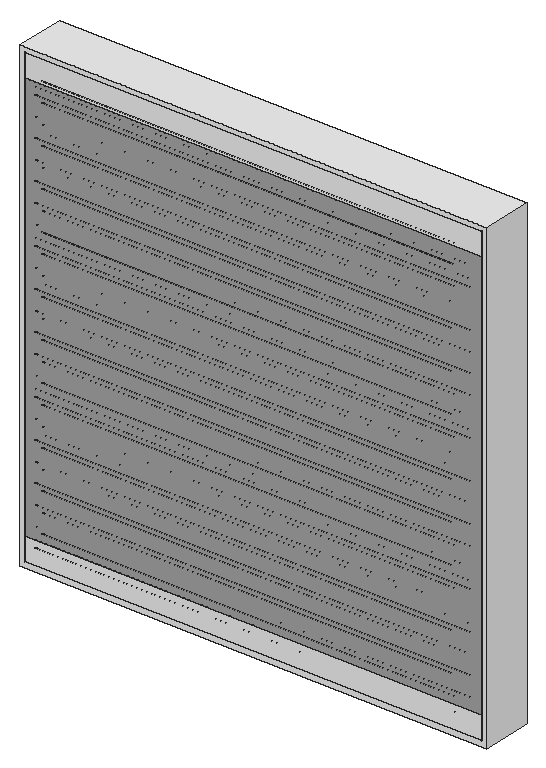
Revit family
Parameters (values of type "Louver_Miami-Dade_ECD-545-MD_All-Lite")
  URL = "http://www.alllite-louvers.com"
  Spacing = 0.167 ft
  SmartBIM Object Version = 3  # constant formula
  SmartBIM Object Created By = "Reed Construction Data"  # constant formula
  Shim Thickness = 0.042 ft
  Screen Width = Width - (2 * Shim Thickness)  # 3.916 ft
  Screen Height = Height - (2 * 0.239583 ft)  # 3.520833 ft
  Screen = Aluminum
  Rough Width = 0.0 ft
  Rough Height = 0.0 ft
  Product URL = "http://www.alllite-louvers.com/catalog.php?model=ECD-545-MD"
  Pressure Loss (in.wg.) = "0.22"  # constant formula
  OmniClass Title = "Exterior Louvers and Grilles"  # constant formula
  OmniClass Code = "23-60 11 17"  # constant formula
  Model Number = "ECD-545-MD"  # constant formula
  Model = ""
  Minimum Size = "4.5\" x 5\""
  Maximum Size - Single Section = "60-1/2\" x 102-1/2\""
  Maximum Size - Multiple Section = "Unlimited width by 102-1/2\""
  Manufacturer = "All-Lite"  # constant formula
  Louver Width = Width - (2 * Shim Thickness) - 2 * 0.072917 ft  # 3.770167 ft
  Louver = Mill finish, 6063-T5 Extruded Aluminum
  Height = 4.0 ft
  Free Area for 48”x48” Louver = "46.3%"
  Free Area Velocity (fpm) = "1250"  # constant formula
  Free Area (ft²) for 48"x48" Louver = 7.4 ft
  Frame = Mill finish, 6063-T5 Extruded Aluminum
  Default Sill Height = 3.0 ft
  Wall Closure = (empty or 0)
  Width = 4.0 ft
  Cut Sheet = "http://www.alllite-louvers.com/catalog/AECD545-MD.pdf "
  Assembly Code = "B2010300"
  Air Volume Delivered (cfm) = "9250"  # constant formula
  95 CSI = "10200 "  # constant formula
  04 CSI = "08 91 00"  # constant formula
  # of Louvers = (Height - 0.25 ft) / (Spacing)  # 22
Reference planes (ft)
  plane 1 "Center (Front/Back)": y = 0
  plane 2: z = 0.291667
  plane 3 "Center (Left/Right)": x = 0
  plane 4 "Left": x = -2
  plane 5 "Right": x = 2
  plane 6 "Sill": z = 3.291667
  plane 7 "Top": z = 7.291667
  plane 8: x = -1.958
  plane 9: x = 1.958
  plane 10: z = 7.249667
  plane 11: z = 3.333667
  plane 12: z = 5.291667
  plane 13: z = 3.417
  plane 14: z = 3.458667
  plane 15: z = 7.166333
  plane 16: z = 7.124667
Forms (ft)
  Sweep 1, solid, material "Mill finish, 6063-T5 Extruded Aluminum" <- "Frame"
    path origin (-5, 0.333333, 0) x (-1, 0, 0) y (0, 0, 1)
      loop
        line (-6.958, 7.249667) -> (-3.042, 7.249667)
    profile "Horizontal Mullion : Horizontal Mullion" origin (0, 0.333333, 7.249667) x (0, 0, 1) y (0, 1, 0)
      loop
        line (0, 0) -> (-0.083333, 0) -> (-0.083333, -0.416667) -> (-0.197917, -0.416667) -> (-0.197917, -0.423417) -> (0, -0.423417) -> (0, -0.38175) -> (-0.00675, -0.38175) -> (-0.00675, -0.416667) -> (-0.076583, -0.416667) -> (-0.076583, -0.006628) -> (-0.00675, -0.006628) -> (-0.00675, -0.041545) -> (0, -0.041545) -> (0, 0)
  Sweep 2, solid, material "Mill finish, 6063-T5 Extruded Aluminum" <- "Frame"
    path origin (-5, 0.333333, 0) x (-1, 0, 0) y (0, 0, 1)
      loop
        line (-6.958, 3.333667) -> (-3.042, 3.333667)
    profile "Horizontal Mullion : Horizontal Mullion" origin (0, 0.333333, 3.333667) x (0, 0, 1) y (0, 1, 0)
      loop
        line (0, 0) -> (0, -0.041545) -> (0.00675, -0.041545) -> (0.00675, -0.006628) -> (0.076583, -0.006628) -> (0.076583, -0.416667) -> (0.00675, -0.416667) -> (0.00675, -0.38175) -> (0, -0.38175) -> (0, -0.423417) -> (0.197917, -0.423417) -> (0.197917, -0.416667) -> (0.083333, -0.416667) -> (0.083333, 0) -> (0, 0)
  Sweep 3, solid, material "Mill finish, 6063-T5 Extruded Aluminum" <- "Frame"
    path origin (-5, 0.333333, 0) x (-1, 0, 0) y (0, 0, 1)
      loop
        line (-6.958, 3.417) -> (-6.958, 7.166333)
    profile "Vertical Mullion : Vertical Mullion" origin (1.958, 0.333333, 5.291667) x (1, 0, 0) y (0, 1, 0)
      loop
        line (-0.060752, -0.13838) -> (-0.066666, -0.141633) -> (-0.072917, -0.141633) -> (-0.072917, -0.149068) -> (-0.047462, -0.149068) -> (-0.047462, -0.163238) -> (-0.072917, -0.163238) -> (-0.072917, -0.169988) -> (-0.047462, -0.169988) -> (-0.047462, -0.184154) -> (-0.072917, -0.184154) -> (-0.072917, -0.190904) -> (-0.047462, -0.190904) -> (-0.047462, -0.20507) -> (-0.072917, -0.20507) -> (-0.072917, -0.21182) -> (-0.047462, -0.21182) -> (-0.047462, -0.225983) -> (-0.072917, -0.225983) -> (-0.072917, -0.232733) -> (-0.047462, -0.232733) -> (-0.047462, -0.246896) -> (-0.072917, -0.246896) -> (-0.072917, -0.253646) -> (-0.047462, -0.253646) -> (-0.047462, -0.267809) -> (-0.072917, -0.267809) -> (-0.072917, -0.274559) -> (-0.047462, -0.274559) -> (-0.047462, -0.288724) -> (-0.072917, -0.288724) -> (-0.072917, -0.295474) -> (-0.066666, -0.295474) -> (-0.060752, -0.298727)
        arc (-0.060752, -0.298727) -> (-0.047462, -0.302141) -> (-0.060752, -0.305555) r 0.007083
        line (-0.060752, -0.305555) -> (-0.066666, -0.308808) -> (-0.072917, -0.308808) -> (-0.072917, -0.373107) -> (-0.047462, -0.373107) -> (-0.047462, -0.388594) -> (-0.072917, -0.388594) -> (-0.072917, -0.394432) -> (-0.047462, -0.394432) -> (-0.047462, -0.409918) -> (-0.083333, -0.409918) -> (-0.083333, -0.416667) -> (0, -0.416667) -> (0, -0.389085) -> (-0.00675, -0.389085) -> (-0.00675, -0.409918) -> (-0.040712, -0.409918) -> (-0.040712, -0.366357) -> (-0.066167, -0.366357) -> (-0.066167, -0.315558) -> (-0.040712, -0.315558) -> (-0.040712, -0.121549) -> (-0.066167, -0.121549) -> (-0.066167, -0.070765) -> (-0.040712, -0.070765) -> (-0.040712, -0.049849) -> (0, -0.049849) -> (0, -0.000002) -> (-0.083333, -0.000002) -> (-0.083333, -0.006752) -> (-0.00675, -0.006752) -> (-0.00675, -0.043099) -> (-0.072917, -0.043099) -> (-0.072917, -0.049849) -> (-0.047462, -0.049849) -> (-0.047462, -0.064015) -> (-0.072917, -0.064015) -> (-0.072917, -0.128299) -> (-0.066666, -0.128299) -> (-0.060752, -0.131552)
        arc (-0.060752, -0.131552) -> (-0.047462, -0.134966) -> (-0.060752, -0.13838) r 0.007083
  Sweep 4, solid, material "Mill finish, 6063-T5 Extruded Aluminum" <- "Frame"
    path origin (5, 0.333333, 0) x (1, 0, 0) y (0, 0, -1)
      loop
        line (-6.958, -3.417) -> (-6.958, -7.166333)
    profile "Vertical Mullion : Vertical Mullion" origin (-1.958, 0.333333, 5.291667) x (1, 0, 0) y (0, 1, 0)
      loop
        arc (0.060752, -0.13838) -> (0.047462, -0.134966) -> (0.060752, -0.131552) r 0.007083
        line (0.060752, -0.131552) -> (0.066666, -0.128299) -> (0.072917, -0.128299) -> (0.072917, -0.064015) -> (0.047462, -0.064015) -> (0.047462, -0.049849) -> (0.072917, -0.049849) -> (0.072917, -0.043099) -> (0.00675, -0.043099) -> (0.00675, -0.006752) -> (0.083333, -0.006752) -> (0.083333, -0.000002) -> (0, -0.000002) -> (0, -0.049849) -> (0.040712, -0.049849) -> (0.040712, -0.070765) -> (0.066167, -0.070765) -> (0.066167, -0.121549) -> (0.040712, -0.121549) -> (0.040712, -0.315558) -> (0.066167, -0.315558) -> (0.066167, -0.366357) -> (0.040712, -0.366357) -> (0.040712, -0.409918) -> (0.00675, -0.409918) -> (0.00675, -0.389085) -> (0, -0.389085) -> (0, -0.416667) -> (0.083333, -0.416667) -> (0.083333, -0.409918) -> (0.047462, -0.409918) -> (0.047462, -0.394432) -> (0.072917, -0.394432) -> (0.072917, -0.388594) -> (0.047462, -0.388594) -> (0.047462, -0.373107) -> (0.072917, -0.373107) -> (0.072917, -0.308808) -> (0.066666, -0.308808) -> (0.060752, -0.305555)
        arc (0.060752, -0.305555) -> (0.047462, -0.302141) -> (0.060752, -0.298727) r 0.007083
        line (0.060752, -0.298727) -> (0.066666, -0.295474) -> (0.072917, -0.295474) -> (0.072917, -0.288724) -> (0.047462, -0.288724) -> (0.047462, -0.274559) -> (0.072917, -0.274559) -> (0.072917, -0.267809) -> (0.047462, -0.267809) -> (0.047462, -0.253646) -> (0.072917, -0.253646) -> (0.072917, -0.246896) -> (0.047462, -0.246896) -> (0.047462, -0.232733) -> (0.072917, -0.232733) -> (0.072917, -0.225983) -> (0.047462, -0.225983) -> (0.047462, -0.21182) -> (0.072917, -0.21182) -> (0.072917, -0.20507) -> (0.047462, -0.20507) -> (0.047462, -0.190904) -> (0.072917, -0.190904) -> (0.072917, -0.184154) -> (0.047462, -0.184154) -> (0.047462, -0.169988) -> (0.072917, -0.169988) -> (0.072917, -0.163238) -> (0.047462, -0.163238) -> (0.047462, -0.149068) -> (0.072917, -0.149068) -> (0.072917, -0.141633) -> (0.066666, -0.141633) -> (0.060752, -0.13838)
  Sweep 5, solid, material "Mill finish, 6063-T5 Extruded Aluminum" <- "Frame"
    path origin (-5, 0.333333, 0) x (-1, 0, 0) y (0, 0, 1)
      loop
        line (-3, 7.291667) -> (-7, 7.291667) -> (-7, 3.291667) -> (-3, 3.291667) -> (-3, 7.291667)
    profile origin (-2, 0.333333, 5.291667) x (0, 1, 0) y (-1, 0, 0)
      loop
        line (0, 0) -> (-0.423417, 0) -> (-0.423417, -0.042) -> (0, -0.042) -> (0, 0)
  Extrusion 6, solid, material "Aluminum" <- "Screen"
    sketch origin (-5, 0.333333, 0) x (-1, 0, 0) y (0, 0, 1)
      loop
        line (-3.042, 7.05175) -> (-6.958, 7.05175) -> (-6.958, 3.53125) -> (-3.042, 3.53125) -> (-3.042, 7.05175)
    from -0.423417 to -0.416667
Cuts and joins
  joined: Sweep 2, Sweep 3
Lines and regions (ft)
  Opening 1
    outline origin (-5, -0.333333, 0) x (1, 0, 0) y (0, 0, 1)
      loop
        line (3, 7.291667) -> (3, 3.291667) -> (7, 3.291667) -> (7, 7.291667) -> (3, 7.291667)
  Masking region 1, detail levels fine
    outline origin (0, 0, 0) x (1, 0, 0) y (0, 1, 0)
      loop
        line (-1.874667, 0.333332) -> (-1.958, 0.333332) -> (-1.958, 0.283484) -> (-1.917288, 0.283484) -> (-1.917288, 0.262569) -> (-1.891833, 0.262569) -> (-1.891833, 0.211784) -> (-1.917288, 0.211784) -> (-1.917288, 0.017775) -> (-1.891833, 0.017775) -> (-1.891833, -0.033024) -> (-1.917288, -0.033024) -> (-1.917288, -0.076585) -> (-1.95125, -0.076585) -> (-1.95125, -0.055752) -> (-1.958, -0.055752) -> (-1.958, -0.083333) -> (-1.874667, -0.083333) -> (-1.874667, -0.076585) -> (-1.910538, -0.076585) -> (-1.910538, -0.061099) -> (-1.885083, -0.061099) -> (-1.885083, -0.05526) -> (-1.910538, -0.05526) -> (-1.910538, -0.039774) -> (-1.885083, -0.039774) -> (-1.885083, 0.024525) -> (-1.891334, 0.024525) -> (-1.897248, 0.027779)
        arc (-1.897248, 0.027779) -> (-1.910538, 0.031192) -> (-1.897248, 0.034606) r 0.007083
        line (-1.897248, 0.034606) -> (-1.891334, 0.03786) -> (-1.885083, 0.03786) -> (-1.885083, 0.04461) -> (-1.910538, 0.04461) -> (-1.910538, 0.058774) -> (-1.885083, 0.058774) -> (-1.885083, 0.065524) -> (-1.910538, 0.065524) -> (-1.910538, 0.079687) -> (-1.885083, 0.079687) -> (-1.885083, 0.086437) -> (-1.910538, 0.086437) -> (-1.910538, 0.1006) -> (-1.885083, 0.1006) -> (-1.885083, 0.10735) -> (-1.910538, 0.10735) -> (-1.910538, 0.121513) -> (-1.885083, 0.121513) -> (-1.885083, 0.128263) -> (-1.910538, 0.128263) -> (-1.910538, 0.142429) -> (-1.885083, 0.142429) -> (-1.885083, 0.149179) -> (-1.910538, 0.149179) -> (-1.910538, 0.163345) -> (-1.885083, 0.163345) -> (-1.885083, 0.170095) -> (-1.910538, 0.170095) -> (-1.910538, 0.184266) -> (-1.885083, 0.184266) -> (-1.885083, 0.1917) -> (-1.891334, 0.1917) -> (-1.897248, 0.194953)
        arc (-1.897248, 0.194953) -> (-1.910538, 0.198367) -> (-1.897248, 0.201781) r 0.007083
        line (-1.897248, 0.201781) -> (-1.891334, 0.205034) -> (-1.885083, 0.205034) -> (-1.885083, 0.269319) -> (-1.910538, 0.269319) -> (-1.910538, 0.283484) -> (-1.885083, 0.283484) -> (-1.885083, 0.290234) -> (-1.95125, 0.290234) -> (-1.95125, 0.326582) -> (-1.874667, 0.326582) -> (-1.874667, 0.333332)
      loop
        line (1.958, 0.333333) -> (1.874667, 0.333333) -> (1.874667, 0.326582) -> (1.95125, 0.326582) -> (1.95125, 0.290234) -> (1.885083, 0.290234) -> (1.885083, 0.283484) -> (1.910538, 0.283484) -> (1.910538, 0.269319) -> (1.885083, 0.269319) -> (1.885083, 0.205034) -> (1.891334, 0.205034) -> (1.897248, 0.201781)
        arc (1.897248, 0.201781) -> (1.910538, 0.198367) -> (1.897248, 0.194953) r 0.007083
        line (1.897248, 0.194953) -> (1.891334, 0.1917) -> (1.885083, 0.1917) -> (1.885083, 0.184266) -> (1.910538, 0.184266) -> (1.910538, 0.170095) -> (1.885083, 0.170095) -> (1.885083, 0.163345) -> (1.910538, 0.163345) -> (1.910538, 0.149179) -> (1.885083, 0.149179) -> (1.885083, 0.142429) -> (1.910538, 0.142429) -> (1.910538, 0.128263) -> (1.885083, 0.128263) -> (1.885083, 0.121513) -> (1.910538, 0.121513) -> (1.910538, 0.10735) -> (1.885083, 0.10735) -> (1.885083, 0.1006) -> (1.910538, 0.1006) -> (1.910538, 0.086437) -> (1.885083, 0.086437) -> (1.885083, 0.079687) -> (1.910538, 0.079687) -> (1.910538, 0.065524) -> (1.885083, 0.065524) -> (1.885083, 0.058774) -> (1.910538, 0.058774) -> (1.910538, 0.04461) -> (1.885083, 0.04461) -> (1.885083, 0.03786) -> (1.891334, 0.03786) -> (1.897248, 0.034606)
        arc (1.897248, 0.034606) -> (1.910538, 0.031192) -> (1.897248, 0.027779) r 0.007083
        line (1.897248, 0.027779) -> (1.891334, 0.024525) -> (1.885083, 0.024525) -> (1.885083, -0.039774) -> (1.910538, -0.039774) -> (1.910538, -0.05526) -> (1.885083, -0.05526) -> (1.885083, -0.061099) -> (1.910538, -0.061099) -> (1.910538, -0.076585) -> (1.874667, -0.076585) -> (1.874667, -0.083333) -> (1.958, -0.083333) -> (1.958, -0.055752) -> (1.95125, -0.055752) -> (1.95125, -0.076585) -> (1.917288, -0.076585) -> (1.917288, -0.033024) -> (1.891833, -0.033024) -> (1.891833, 0.017775) -> (1.917288, 0.017775) -> (1.917288, 0.211784) -> (1.891833, 0.211784) -> (1.891833, 0.262569) -> (1.917288, 0.262569) -> (1.917288, 0.283484) -> (1.958, 0.283484) -> (1.958, 0.333333)
  Masking region 2, detail levels coarse+medium
    outline origin (0, 0, 0) x (1, 0, 0) y (0, 1, 0)
      loop
        line (-2, 0.333333) -> (-2, -0.090083) -> (-1.885083, -0.090083) -> (-1.885083, 0.333333) -> (-2, 0.333333)
      loop
        line (2, 0.333333) -> (1.885083, 0.333333) -> (1.885083, -0.090083) -> (2, -0.090083) -> (2, 0.333333)
Text (ft)
  text "EXTERIOR" at (-4.890733, 4.242245, 0), in view "Ref. Level"
  text "INTERIOR" at (-4.890733, -3.147199, 0), in view "Ref. Level"
  text "Exterior" at (0, 3.638026, 10.266337), in view "Left"
  text "Exterior" at (0, 1.524487, 10.420622), in view "Right"
Dimensions and locks (ft)
  equal spacing: plane 4 "Left", plane 3 "Center (Left/Right)", plane 5 "Right"
  "Width": plane 4 "Left" to plane 5 "Right"
  "Height": plane 6 "Sill" to plane 7 "Top"
  "Default Sill Height": plane 2 to plane 6 "Sill"
  "Shim Thickness": plane 4 "Left" to plane 8
  "Shim Thickness": plane 9 to plane 5 "Right"
  "Shim Thickness": plane 10 to plane 7 "Top"
  "Shim Thickness": plane 6 "Sill" to plane 11
  equal spacing: plane 11, plane 12, plane 10
  locked: plane 13 to plane 11 at 0.083333
  locked: plane 14 to plane 13 at 0.041667
  locked: plane 10 to plane 15 at 0.083333
  locked: plane 15 to plane 16 at 0.041667
  Extrusion 6 to plane 6 "Sill" = 0.239583 ft
  equal spacing: group 1, group 3, group 4, group 5, group 6, group 7, group 8, group 9, group 10, group 11, group 12, group 13, group 14, group 15, group 16, group 17, group 18, group 19, group 20, group 21, group 22, group 2  (x2)
  equal spacing: group 2, group 22, group 21, group 20, group 19, group 18, group 17, group 16, group 15, group 14, group 13, group 12, group 11, group 10, group 9, group 8, group 7, group 6, group 5, group 4, group 3, group 1
  aligned and locked: plane 7 "Top" to Opening 1 sketch curve
  aligned and locked: plane 6 "Sill" to Opening 1 sketch curve  (x2)
  aligned and locked: plane 5 "Right" to Opening 1 sketch curve
  aligned and locked: plane 4 "Left" to Opening 1 sketch curve
  aligned and locked: plane 10 to Sweep 1 sketch curve
  aligned and locked: plane 8 to Sweep 1 sketch curve
  aligned and locked: plane 9 to Sweep 1 sketch curve
  aligned and locked: Sweep 2 sketch curve to plane 11
  aligned and locked: plane 9 to Sweep 2 sketch curve
  aligned and locked: plane 8 to Sweep 2 sketch curve
  aligned and locked: plane 9 to Sweep 3 sketch curve
  aligned and locked: Sweep 4 sketch curve to plane 8
  aligned and locked: cut or joined group of Sweep 2, Sweep 3 to Sweep 3 sketch curve
  aligned and locked: Sweep 4 sketch curve to cut or joined group of Sweep 2, Sweep 3
  aligned and locked: Sweep 1 to Sweep 4 sketch curve
  aligned and locked: Sweep 5 sketch curve to plane 4 "Left"
  aligned and locked: Sweep 5 sketch curve to plane 7 "Top"
  aligned and locked: Sweep 5 sketch curve to plane 6 "Sill"
  aligned and locked: Sweep 5 sketch curve to plane 5 "Right"
  aligned and locked: Sweep 5 sketch curve to host wall  (x2)
  aligned and locked: plane 8 to Sweep 5 sketch curve
  aligned and locked: cut or joined group of Sweep 2, Sweep 3 to Sweep 5 sketch curve
  aligned and locked: plane 15 to Sweep 3 sketch curve
  aligned and locked: Extrusion 6 sketch curve to Sweep 1
  aligned and locked: Sweep 5 to Extrusion 6 sketch curve  (x2)
  aligned: Extrusion 6 to cut or joined group of Sweep 2, Sweep 3
  aligned and locked: Sweep 5 to Extrusion 6
  aligned and locked: plane 3 "Center (Left/Right)" to nested 1
  aligned and locked: plane 14 to nested 1
  aligned and locked: nested 1 to Sweep 4
  aligned and locked: plane 16 to nested 2
  aligned and locked: nested 2 to Sweep 4
  aligned and locked: plane 3 "Center (Left/Right)" to nested 2
  aligned and locked: Masking region 1 sketch curve to Sweep 4  (x71)
  aligned and locked: Sweep 5 to Masking region 1 sketch curve  (x3)
  aligned and locked: Extrusion 6 to Masking region 1 sketch curve
  aligned and locked: Masking region 1 sketch curve to cut or joined group of Sweep 2, Sweep 3  (x58)
  aligned and locked: Masking region 1 sketch curve to Sweep 5
  aligned and locked: plane 9 to Masking region 1 sketch curve
  aligned and locked: Masking region 1 sketch curve to Extrusion 6
  aligned and locked: nested 5 to Masking region 1 sketch curve  (x12)
  aligned and locked: Masking region 2 sketch curve to host wall  (x3)
  aligned and locked: Sweep 5 to Masking region 2 sketch curve  (x2)
  aligned and locked: Masking region 2 sketch curve to Sweep 4
  aligned and locked: host wall to Masking region 2 sketch curve
  aligned and locked: Masking region 2 sketch curve to nested 5
Automatic sketch dimensions
  Extrusion 6 sketch curve to plane 6 "Sill" = 0.239583 ft
  Masking region 1 sketch curve to Masking region 1 sketch curve = 0.00675 ft
Nested families (ft)
  nested 1: "Louver" at (0, 0.12541, 3.458667), type "Louver"
    with Louver Length 3.770167 ft
  nested 2: "Louver" at (0, 0.124587, 6.937807), type "Louver"
    with Louver Length 3.770167 ft
  nested 3: "Louver" at (0, 0.125371, 3.62434), type "Louver"
    with Louver Length 3.770167 ft
  nested 4: "Louver" at (0, 0.125332, 3.790013), type "Louver"
    with Louver Length 3.770167 ft
  nested 5: "Louver" at (0, 0.125292, 3.955687), type "Louver"
    with Louver Length 3.770167 ft
  nested 6: "Louver" at (0, 0.125253, 4.12136), type "Louver"
    with Louver Length 3.770167 ft
  nested 7: "Louver" at (0, 0.125214, 4.287033), type "Louver"
    with Louver Length 3.770167 ft
  nested 8: "Louver" at (0, 0.125175, 4.452707), type "Louver"
    with Louver Length 3.770167 ft
  nested 9: "Louver" at (0, 0.125136, 4.61838), type "Louver"
    with Louver Length 3.770167 ft
  nested 10: "Louver" at (0, 0.125096, 4.784053), type "Louver"
    with Louver Length 3.770167 ft
  nested 11: "Louver" at (0, 0.125057, 4.949727), type "Louver"
    with Louver Length 3.770167 ft
  nested 12: "Louver" at (0, 0.125018, 5.1154), type "Louver"
    with Louver Length 3.770167 ft
  nested 13: "Louver" at (0, 0.124979, 5.281073), type "Louver"
    with Louver Length 3.770167 ft
  nested 14: "Louver" at (0, 0.12494, 5.446747), type "Louver"
    with Louver Length 3.770167 ft
  nested 15: "Louver" at (0, 0.124901, 5.61242), type "Louver"
    with Louver Length 3.770167 ft
  nested 16: "Louver" at (0, 0.124861, 5.778093), type "Louver"
    with Louver Length 3.770167 ft
  nested 17: "Louver" at (0, 0.124822, 5.943767), type "Louver"
    with Louver Length 3.770167 ft
  nested 18: "Louver" at (0, 0.124783, 6.10944), type "Louver"
    with Louver Length 3.770167 ft
  nested 19: "Louver" at (0, 0.124744, 6.275113), type "Louver"
    with Louver Length 3.770167 ft
  nested 20: "Louver" at (0, 0.124705, 6.440787), type "Louver"
    with Louver Length 3.770167 ft
  nested 21: "Louver" at (0, 0.124665, 6.60646), type "Louver"
    with Louver Length 3.770167 ft
  nested 22: "Louver" at (0, 0.124626, 6.772134), type "Louver"
    with Louver Length 3.770167 ft
Connectors (ft)
  hvac at (0, -0.090083, 5.2915), driven by "Screen Height", driven by "Screen Width"
    settings: on Extrusion 6, index 1
Definition of nested family "Louver"
  Parameters (values of type "Louver")
    q = 0.402344 ft
    Louver Length = 4.75 ft
    Louver Array = yes
    Louver = none
    Assembly Code = ""
  Reference planes (ft)
    plane 1 "Center (Front/Back)": y = 0
    plane 2: z = 0
    plane 3 "Center (Left/Right)": x = 0
    plane 4: x = -2.375
    plane 5: x = 2.375
    plane 6: z = 0.494792
    plane 7: y = 0.201172
    plane 8: y = -0.201172
    plane 9: z = 0.18686
  Forms (ft)
    Extrusion 1, solid, material <- "Louver", visible <- "Louver Array"
      sketch origin (0, -0.020833, 0) x (0, 1, 0) y (0, 0, 1)
        loop
          arc (0.13468, 0.080242) -> (0.134685, 0.075797) -> (0.136266, 0.071643) r 0.012329
          arc (0.136266, 0.071643) -> (0.141125, 0.070592) -> (0.141287, 0.075561) r 0.003237
          arc (0.141287, 0.075561) -> (0.148732, 0.08377) -> (0.149727, 0.072732) r 0.006051
          arc (0.149727, 0.072732) -> (0.149789, 0.069321) -> (0.153169, 0.068853) r 0.002625
          arc (0.153169, 0.068853) -> (0.156607, 0.072673) -> (0.15797, 0.077628) r 0.011168
          arc (0.15797, 0.077628) -> (0.159196, 0.077084) -> (0.160408, 0.076509) r 0.052796
          line (0.160408, 0.076509) -> (0.216056, 0.000985)
          arc (0.216056, 0.000985) -> (0.219793, 0) -> (0.222005, 0.003168) r 0.003375
          line (0.222005, 0.003168) -> (0.222005, 0.049944)
          arc (0.222005, 0.049944) -> (0.21938, 0.052569) -> (0.216755, 0.049944) r 0.002625
          line (0.216755, 0.049944) -> (0.216755, 0.00928) -> (0.164491, 0.080212)
          arc (0.164491, 0.080212) -> (0.149223, 0.089905) -> (0.131412, 0.086765) r 0.025
          arc (0.131412, 0.086765) -> (0.094659, 0.102308) -> (0.061638, 0.124714) r 0.203822
          arc (0.061638, 0.124714) -> (0.029623, 0.13426) -> (-0.002026, 0.123565) r 0.05513
          arc (-0.002026, 0.123565) -> (-0.008846, 0.120237) -> (-0.016416, 0.11971) r 0.019853
          arc (-0.016416, 0.11971) -> (-0.021197, 0.119534) -> (-0.025911, 0.118717) r 0.035482
          arc (-0.025911, 0.118717) -> (-0.009614, 0.136198) -> (0.004952, 0.155146) r 0.251868
          arc (0.004952, 0.155146) -> (0.033671, 0.181337) -> (0.068791, 0.164685) r 0.034874
          arc (0.068791, 0.164685) -> (0.07264, 0.163748) -> (0.073034, 0.16769) r 0.002625
          arc (0.073034, 0.16769) -> (0.036201, 0.186819) -> (0.002184, 0.16304) r 0.040059
          arc (0.002184, 0.16304) -> (-0.04072, 0.109973) -> (-0.096576, 0.070769) r 0.245447
          arc (-0.096576, 0.070769) -> (-0.115253, 0.077415) -> (-0.118765, 0.057905) r 0.012998
          arc (-0.118765, 0.057905) -> (-0.134735, 0.047206) -> (-0.153586, 0.043447) r 0.049163
          line (-0.153586, 0.043447) -> (-0.175089, 0.043447) -> (-0.175089, 0.048269)
          arc (-0.175089, 0.048269) -> (-0.17379, 0.053912) -> (-0.170154, 0.058419) r 0.012906
          arc (-0.170154, 0.058419) -> (-0.16974, 0.06212) -> (-0.173443, 0.062511) r 0.002625
          arc (-0.173443, 0.062511) -> (-0.178524, 0.056181) -> (-0.180339, 0.048269) r 0.018155
          line (-0.180339, 0.048269) -> (-0.180339, 0.003249)
          arc (-0.180339, 0.003249) -> (-0.178758, 0.000347) -> (-0.175463, 0.000098) r 0.003456
          line (-0.175463, 0.000098) -> (-0.148923, 0.012057)
          arc (-0.148923, 0.012057) -> (-0.147608, 0.015529) -> (-0.151079, 0.016843) r 0.002625
          line (-0.151079, 0.016843) -> (-0.175089, 0.006025) -> (-0.175089, 0.038239) -> (-0.153586, 0.038239)
          arc (-0.153586, 0.038239) -> (-0.132452, 0.042515) -> (-0.114641, 0.05467) r 0.054371
          arc (-0.114641, 0.05467) -> (-0.1111, 0.053464) -> (-0.107362, 0.053316) r 0.013006
          arc (-0.107362, 0.053316) -> (-0.10495, 0.056406) -> (-0.10833, 0.058391) r 0.002606
          arc (-0.10833, 0.058391) -> (-0.1144, 0.071515) -> (-0.100944, 0.066222) r 0.007789
          arc (-0.100944, 0.066222) -> (-0.096656, 0.062211) -> (-0.09322, 0.066972) r 0.003912
          arc (-0.09322, 0.066972) -> (-0.062075, 0.086066) -> (-0.034049, 0.109499) r 0.249719
          arc (-0.034049, 0.109499) -> (-0.025801, 0.113274) -> (-0.016805, 0.114428) r 0.030191
          arc (-0.016805, 0.114428) -> (-0.007392, 0.115148) -> (0.001092, 0.119289) r 0.025144
          arc (0.001092, 0.119289) -> (0.029464, 0.128963) -> (0.058253, 0.120613) r 0.049838
          arc (0.058253, 0.120613) -> (0.094358, 0.096436) -> (0.13468, 0.080242) r 0.209139
      from -2.375 to 2.375
  Dimensions and locks (ft)
    equal spacing: plane 4, plane 3 "Center (Left/Right)", plane 5
    "Louver Length": plane 4 to plane 5
    locked: plane 6 to level at 0.494792
    "q": plane 8 to plane 7
    equal spacing: plane 8, plane 1 "Center (Front/Back)", plane 7
    aligned and locked: Extrusion 1 to plane 4
    aligned and locked: plane 5 to Extrusion 1
  Automatic sketch dimensions
    Extrusion 1 sketch curve to Extrusion 1 sketch curve = 0.0 ft  (x22)
    Extrusion 1 sketch curve to plane 8 = 0.0 ft
    Extrusion 1 sketch curve to plane 7 = 0.0 ft
    plane 8 to Extrusion 1 sketch curve = 0.021449 ft
    Extrusion 1 sketch curve to Extrusion 1 sketch curve = 0.006028 ft
    Extrusion 1 sketch curve to Extrusion 1 sketch curve = 0.000469 ft
    Extrusion 1 sketch curve to Extrusion 1 sketch curve = 0.003456 ft
    level to Extrusion 1 sketch curve = 0.000098 ft
    Extrusion 1 sketch curve to Extrusion 1 sketch curve = 0.00142 ft
    Extrusion 1 sketch curve to plane 8 = 0.00525 ft
    Extrusion 1 sketch curve to Extrusion 1 sketch curve = 0.001794 ft
    Extrusion 1 sketch curve to plane 8 = 0.006895 ft
    Extrusion 1 sketch curve to Extrusion 1 sketch curve = 0.001658 ft
    Extrusion 1 sketch curve to Extrusion 1 sketch curve = 0.001632 ft
    Extrusion 1 sketch curve to Extrusion 1 sketch curve = 0.012906 ft
    Extrusion 1 sketch curve to plane 8 = 0.026752 ft
    Extrusion 1 sketch curve to Extrusion 1 sketch curve = 0.002507 ft
    Extrusion 1 sketch curve to Extrusion 1 sketch curve = 0.001078 ft  (x2)
    Extrusion 1 sketch curve to Extrusion 1 sketch curve = 0.034822 ft
    Extrusion 1 sketch curve to Extrusion 1 sketch curve = 0.004124 ft
    Extrusion 1 sketch curve to Extrusion 1 sketch curve = 0.005908 ft
    Extrusion 1 sketch curve to Extrusion 1 sketch curve = 0.000012 ft
    Extrusion 1 sketch curve to Extrusion 1 sketch curve = 0.006311 ft
    Extrusion 1 sketch curve to Extrusion 1 sketch curve = 0.00082 ft
    Extrusion 1 sketch curve to Extrusion 1 sketch curve = 0.000148 ft
    Extrusion 1 sketch curve to Extrusion 1 sketch curve = 0.007777 ft
    Extrusion 1 sketch curve to Extrusion 1 sketch curve = 0.00391 ft
    Extrusion 1 sketch curve to Extrusion 1 sketch curve = 0.000458 ft
    Extrusion 1 sketch curve to Extrusion 1 sketch curve = 0.003814 ft
    plane 1 "Center (Front/Back)" to Extrusion 1 sketch curve = 0.054882 ft
    Extrusion 1 sketch curve to Extrusion 1 sketch curve = 0.008138 ft
    Extrusion 1 sketch curve to Extrusion 1 sketch curve = 0.016545 ft
    Extrusion 1 sketch curve to Extrusion 1 sketch curve = 0.009105 ft
    Extrusion 1 sketch curve to Extrusion 1 sketch curve = 0.000389 ft
    Extrusion 1 sketch curve to Extrusion 1 sketch curve = 0.002433 ft
    Extrusion 1 sketch curve to Extrusion 1 sketch curve = 0.01439 ft
    Extrusion 1 sketch curve to Extrusion 1 sketch curve = 0.003118 ft
    plane 1 "Center (Front/Back)" to Extrusion 1 sketch curve = 0.018649 ft
    Extrusion 1 sketch curve to Extrusion 1 sketch curve = 0.002768 ft
    Extrusion 1 sketch curve to plane 1 "Center (Front/Back)" = 0.009784 ft
    Extrusion 1 sketch curve to plane 1 "Center (Front/Back)" = 0.017991 ft
    Extrusion 1 sketch curve to Extrusion 1 sketch curve = 0.019429 ft
    Extrusion 1 sketch curve to Extrusion 1 sketch curve = 0.003385 ft
    Extrusion 1 sketch curve to plane 9 = 0.022175 ft
    Extrusion 1 sketch curve to Extrusion 1 sketch curve = 0.029966 ft
    Extrusion 1 sketch curve to Extrusion 1 sketch curve = 0.002332 ft
    Extrusion 1 sketch curve to Extrusion 1 sketch curve = 0.001911 ft
    Extrusion 1 sketch curve to Extrusion 1 sketch curve = 0.069774 ft
    Extrusion 1 sketch curve to Extrusion 1 sketch curve = 0.003268 ft
    Extrusion 1 sketch curve to Extrusion 1 sketch curve = 0.001586 ft
    Extrusion 1 sketch curve to Extrusion 1 sketch curve = 0.00091 ft
    Extrusion 1 sketch curve to Extrusion 1 sketch curve = 0.002868 ft
    Extrusion 1 sketch curve to Extrusion 1 sketch curve = 0.002153 ft
    Extrusion 1 sketch curve to Extrusion 1 sketch curve = 0.00523 ft
    Extrusion 1 sketch curve to Extrusion 1 sketch curve = 0.005522 ft
    Extrusion 1 sketch curve to Extrusion 1 sketch curve = 0.002917 ft
    Extrusion 1 sketch curve to Extrusion 1 sketch curve = 0.002026 ft
    Extrusion 1 sketch curve to Extrusion 1 sketch curve = 0.001416 ft
    Extrusion 1 sketch curve to Extrusion 1 sketch curve = 0.006218 ft
    Extrusion 1 sketch curve to Extrusion 1 sketch curve = 0.002438 ft
    Extrusion 1 sketch curve to Extrusion 1 sketch curve = 0.004082 ft
    Extrusion 1 sketch curve to plane 7 = 0.029964 ft
    level to Extrusion 1 sketch curve = 0.000985 ft
    Extrusion 1 sketch curve to plane 7 = 0.005949 ft
    Extrusion 1 sketch curve to plane 7 = 0.00525 ft
    level to Extrusion 1 sketch curve = 0.003168 ft
    Extrusion 1 sketch curve to Extrusion 1 sketch curve = 0.002776 ft
    Extrusion 1 sketch curve to Extrusion 1 sketch curve = 0.006111 ft
    level to Extrusion 1 sketch curve = 0.012057 ft
    Extrusion 1 sketch curve to Extrusion 1 sketch curve = 0.002393 ft
    level to Extrusion 1 sketch curve = 0.0291 ft
    Extrusion 1 sketch curve to Extrusion 1 sketch curve = 0.021396 ft
    Extrusion 1 sketch curve to Extrusion 1 sketch curve = 0.005208 ft
    Extrusion 1 sketch curve to Extrusion 1 sketch curve = 0.004822 ft
    Extrusion 1 sketch curve to Extrusion 1 sketch curve = 0.040664 ft
    Extrusion 1 sketch curve to Extrusion 1 sketch curve = 0.009868 ft
    Extrusion 1 sketch curve to Extrusion 1 sketch curve = 0.001354 ft
    Extrusion 1 sketch curve to Extrusion 1 sketch curve = 0.002602 ft
    Extrusion 1 sketch curve to Extrusion 1 sketch curve = 0.036282 ft
    Extrusion 1 sketch curve to Extrusion 1 sketch curve = 0.000146 ft
    Extrusion 1 sketch curve to Extrusion 1 sketch curve = 0.00008 ft
    Extrusion 1 sketch curve to Extrusion 1 sketch curve = 0.003471 ft
    Extrusion 1 sketch curve to Extrusion 1 sketch curve = 0.00221 ft
    Extrusion 1 sketch curve to Extrusion 1 sketch curve = 0.006261 ft
    Extrusion 1 sketch curve to Extrusion 1 sketch curve = 0.001501 ft
    level to Extrusion 1 sketch curve = 0.079138 ft
    Extrusion 1 sketch curve to Extrusion 1 sketch curve = 0.003702 ft
    Extrusion 1 sketch curve to Extrusion 1 sketch curve = 0.005106 ft
    Extrusion 1 sketch curve to Extrusion 1 sketch curve = 0.025254 ft
    Extrusion 1 sketch curve to Extrusion 1 sketch curve = 0.004289 ft
    Extrusion 1 sketch curve to Extrusion 1 sketch curve = 0.022132 ft
    Extrusion 1 sketch curve to Extrusion 1 sketch curve = 0.007894 ft
